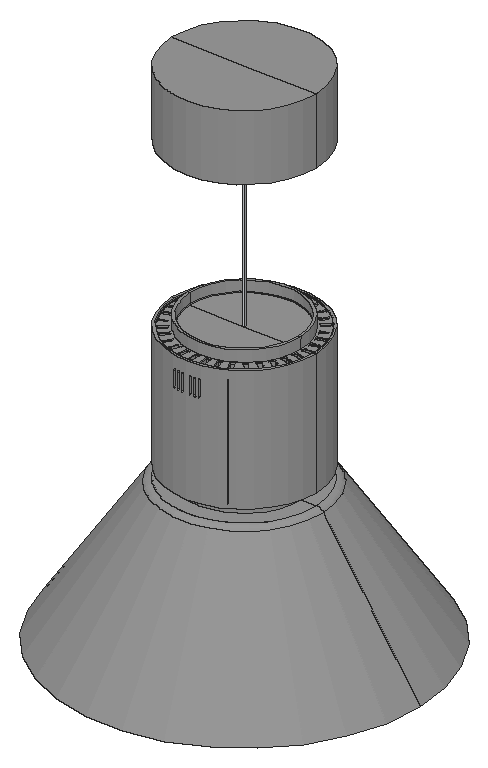
Revit family "LAMP_STORMBELL + BLACK REFLECTOR", category Luminarias, Revit 2015
Parameters (values of type "1588LM 3000 WHITE FLOOD")
  Weight = 4.504 kg
  Type = "COB CITIZEN"
  Suspension height [instance] = 200.00 mm
  Reflector product code = "STBE420B"
  Protection rating = "IP20"
  Product datasheet = "http://www.lamp.es/product-files/TECH/ST117030FL830NBW-EN.pdf"
  Product code = "ST117030FL830NBW"
  Product URL = "https://www.lamp.es/en/family/stormbell_33344"
  Power Supply = "220-240V 50-60Hz"
  Power = 25 W
  Plum = 26.3 W
  Photometric web file = Reflector negro : 1588LM 3000 WHITE FLOOD
  Modelo = Product code  # "ST117030FL830NBW"
  Material floron = LAMP_Aluminio cuerpo Stormbell
  Material COB = LAMP_COB
  Manufacturer name = "LAMP"
  Manufacturer country = "Spain"
  Manufacturer URL = "http://www.lamp.es/en"
  MacAdam = "<3"
  Luminaire type = "Indoor - Suspended Downlight"
  Last update = "11/11/2020"
  Lamp = "COB LED"
  LED Lifetime = "50.000 L80 B10"
  Insulation class = "I"
  Installation instructions = "http://www.lamp.es/product-files/INS/1003910-B-INSTR.%20STORMBELL.pdf"
  Initial intensity = 1588 lm
  Initial color = 3000 K
  IEE = "A+"
  Height = 173.00 mm
  Gear = "Electronic"
  Finish = "Shiny white"
  Fabricante = Manufacturer name  # "LAMP"
  Efficacy = 60.4 lm/W
  Diameter = 173.00 mm
  Descripción = "STORMBELL 3000 WW FL WH."
  CRI = "80"
  Altura suspension [instance] = if(Suspension height < 0.00 mm, 0.00 mm, if(Suspension height > 3000.00 mm, 3000.00 mm, Suspension height))  # 200.00 mm
Types (8, lengths in mm): name | Weight | Product datasheet | Product code | Power Supply | Power | Plum | Modelo | Initial intensity | Initial color | Efficacy | Descripción
  1588LM 3000 WHITE FLOOD | 4.504 kg | "http://www.lamp.es/product-files/TECH/ST117030FL830NBW-EN.pdf" | "ST117030FL830NBW" | "220-240V 50-60Hz" | 25 W | 26.3 W | "ST117030FL830NBW" | 1588 lm | 3000 K | 60.4 lm/W | "STORMBELL 3000 WW FL WH."
  1588LM 3000 WHITE WIDE FLOOD | 4.504 kg | "http://www.lamp.es/product-files/TECH/ST117030WF830NBW-EN.pdf" | "ST117030WF830NBW" | "220-240V 50-60Hz" | 25 W | 26.3 W | "ST117030WF830NBW" | 1588 lm | 3000 K | 60.4 lm/W | "STORMBELL 3000 WW WFL WH."
  1632LM 4000 WHITE FLOOD | 4.504 kg | "http://www.lamp.es/product-files/TECH/ST117030FL840NBW-EN.pdf" | "ST117030FL840NBW" | "220-240V 50-60Hz" | 25 W | 26.3 W | "ST117030FL840NBW" | 1632 lm | 4000 K | 62.1 lm/W | "STORMBELL 3000 NW FL WH."
  1632LM 4000 WHITE WIDE FLOOD | 4.504 kg | "http://www.lamp.es/product-files/TECH/ST117030WF840NBW-EN.pdf" | "ST117030WF840NBW" | "220-240V 50-60Hz" | 25 W | 26.3 W | "ST117030WF840NBW" | 1632 lm | 4000 K | 62.1 lm/W | "STORMBELL 3000 NW WFL WH."
  2405LM 3000 WHITE WIDE FLOOD | 4.592 kg | "http://www.lamp.es/product-files/TECH/ST117050WF830NBW-EN.pdf" | "ST117050WF830NBW" | "100-240V 50-60Hz" | 44 W | 47.4 W | "ST117050WF830NBW" | 2405 lm | 3000 K | 50.7 lm/W | "STORMBELL 5000 WW WFL WH."
  2458LM 3000 WHITE FLOOD | 4.592 kg | "http://www.lamp.es/product-files/TECH/ST117050FL830NBW-EN.pdf" | "ST117050FL830NBW" | "100-240V 50-60Hz" | 44 W | 47.4 W | "ST117050FL830NBW" | 2458 lm | 3000 K | 51.9 lm/W | "STORMBELL 5000 WW FL WH."
  2472LM 4000 WHITE WIDE FLOOD | 4.592 kg | "http://www.lamp.es/product-files/TECH/ST117050WF840NBW-EN.pdf" | "ST117050WF840NBW" | "100-240V 50-60Hz" | 44 W | 47.4 W | "ST117050WF840NBW" | 2472 lm | 4000 K | 52.2 lm/W | "STORMBELL 5000 NW WFL WH."
  2526LM 4000 WHITE FLOOD | 4.592 kg | "http://www.lamp.es/product-files/TECH/ST117050FL840NBW-EN.pdf" | "ST117050FL840NBW" | "100-240V 50-60Hz" | 44 W | 47.4 W | "ST117050FL840NBW" | 2526 lm | 4000 K | 53.3 lm/W | "STORMBELL 5000 NW FL WH."
Reference planes
  plane 1 "Eje de origen de luz (F/P)": y = 0
  plane 2 "Techo": z = 2438.4
  plane 3 "Eje de origen de luz (I/D)": x = 0
  plane 4 "Elevación de origen de luz": z = 1316.8
  plane 5: z = 2359.2
Forms (mm)
  Revolve 1, solid, material "LAMP_Aluminio cuerpo Stormbell" <- "Material floron"
    sketch origin (0, 0, 0) x (1, 0, 0) y (0, 0, 1)
      loop
        line (0, 2438.4) -> (-86.5, 2438.4) -> (-86.5, 2359.2) -> (-83.75, 2359.2) -> (-83.75, 2371.9) -> (0, 2371.9) -> (0, 2438.4)
      axis (0, 2438.4) -> (0, 2359.2)
    angle from 0 to 360
  Extrusion 2, solid
    sketch origin (0, 0, 0) x (1, 0, 0) y (0, 1, 0)
      loop
        circle (0, 0) r 1
    from 2159.2 to 2371.9
  Revolve 3, solid, material "LAMP_COB" <- "Material COB"
    sketch origin (-474.113, 0, 2159.2) x (1, 0, 0) y (0, 0, 1)
      loop
        line (474.113, -61.467) -> (474.113, -62.467) -> (481.113, -62.467) -> (481.113, -61.467) -> (474.113, -61.467)
      axis (474.113, -61.467) -> (474.113, -62.467)
    angle from 0 to 360
  Extrusion 4, solid, material "LAMP_Aluminio cuerpo Stormbell" <- "Material floron"
    sketch origin (-1.875, 0, 0) x (1, 0, 0) y (0, 1, 0)
      loop
        line (18.156, -7.036) -> (18.156, 7.036)
        arc (18.156, 7.036) -> (17.332, 7.861) -> (16.508, 7.036) r 0.824
        line (16.508, 7.036) -> (16.508, -5.422)
        arc (16.508, -5.422) -> (16.293, -5.94) -> (15.775, -6.154) r 0.733
        line (15.775, -6.154) -> (14.051, -6.154)
        arc (14.051, -6.154) -> (13.604, -6.011) -> (13.324, -5.636) r 0.768
        line (13.324, -5.636) -> (9.075, 6.72)
        arc (9.075, 6.72) -> (7.599, 7.773) -> (6.122, 6.72) r 1.561
        line (6.122, 6.72) -> (1.915, -5.514)
        arc (1.915, -5.514) -> (0.865, -6.139) -> (0.075, -5.206) r 0.946
        line (0.075, -5.206) -> (0.075, 6.255)
        arc (0.075, 6.255) -> (-1.121, 7.917) -> (-3.078, 7.312) r 1.753
        line (-3.078, 7.312) -> (-5.708, 4.681) -> (-8.339, 7.312)
        arc (-8.339, 7.312) -> (-10.295, 7.917) -> (-11.491, 6.255) r 1.753
        line (-11.491, 6.255) -> (-11.491, -5.392)
        arc (-11.491, -5.392) -> (-11.714, -5.931) -> (-12.253, -6.154) r 0.762
        line (-12.253, -6.154) -> (-13.949, -6.154)
        arc (-13.949, -6.154) -> (-14.491, -5.93) -> (-14.715, -5.388) r 0.766
        line (-14.715, -5.388) -> (-14.715, 7.007)
        arc (-14.715, 7.007) -> (-14.94, 7.549) -> (-15.481, 7.773) r 0.766
        line (-15.481, 7.773) -> (-22.184, 7.773)
        arc (-22.184, 7.773) -> (-22.732, 7.546) -> (-22.959, 6.997) r 0.776
        line (-22.959, 6.997) -> (-22.959, 1.093)
        arc (-22.959, 1.093) -> (-22.743, 0.57) -> (-22.22, 0.354) r 0.739
        line (-22.22, 0.354) -> (-17.382, 0.354)
        arc (-17.382, 0.354) -> (-16.557, 1.178) -> (-17.382, 2.002) r 0.824
        line (-17.382, 2.002) -> (-20.553, 2.002)
        arc (-20.553, 2.002) -> (-21.089, 2.224) -> (-21.31, 2.76) r 0.758
        line (-21.31, 2.76) -> (-21.31, 5.362)
        arc (-21.31, 5.362) -> (-21.087, 5.901) -> (-20.548, 6.124) r 0.762
        line (-20.548, 6.124) -> (-17.104, 6.124)
        arc (-17.104, 6.124) -> (-16.581, 5.908) -> (-16.364, 5.384) r 0.74
        line (-16.364, 5.384) -> (-16.364, -7.016)
        arc (-16.364, -7.016) -> (-16.14, -7.557) -> (-15.598, -7.782) r 0.766
        line (-15.598, -7.782) -> (-10.521, -7.782)
        arc (-10.521, -7.782) -> (-10.021, -7.574) -> (-9.814, -7.074) r 0.708
        line (-9.814, -7.074) -> (-9.814, 6.019) -> (-5.708, 1.914) -> (-1.603, 6.019) -> (-1.603, -6.949)
        arc (-1.603, -6.949) -> (-1.39, -7.464) -> (-0.874, -7.677) r 0.729
        line (-0.874, -7.677) -> (2.395, -7.677)
        arc (2.395, -7.677) -> (2.818, -7.542) -> (3.083, -7.187) r 0.727
        line (3.083, -7.187) -> (7.599, 5.936) -> (12.139, -7.259)
        arc (12.139, -7.259) -> (12.421, -7.638) -> (12.871, -7.782) r 0.775
        line (12.871, -7.782) -> (17.411, -7.782)
        arc (17.411, -7.782) -> (17.938, -7.563) -> (18.156, -7.036) r 0.745
    from 2370.9 to 2371.9
Lines and regions (mm)
  reference lines
    curve 1: line (-474.113, 0, 2159.2) -> (435.887, 0, 2159.2)
Text (mm)
  text "Any modification of the parameters and properties of the LAMP BIM models must be executed and validated by the LAMP technical department.\n\nPhone: +34 93 736 68 00\n\nE-mail: lamp@lamp.es\n\n\n\nLAMP reserves the right to modify the technical specifications of its products." at (-12684.27, -18653.432, 16760.065), in view "Preview"
Dimensions and locks
  equal spacing: host sketch curve, plane 3 "Eje de origen de luz (I/D)", host sketch curve
  equal spacing: host sketch curve, plane 1 "Eje de origen de luz (F/P)", host sketch curve
  host sketch curve to host sketch curve = 3048.00 mm  (x2)
  locked: plane 2 "Techo" to plane 5 at 79.2
  "Altura suspension": plane 5 to curve 1
  aligned and locked: plane 5 to Revolve 1
  aligned and locked: curve 1 to Extrusion 2
Automatic sketch dimensions
  Revolve 1 sketch curve to plane 2 "Techo" = 0.00 mm
  Revolve 1 sketch curve to plane 5 = 0.00 mm
  Revolve 1 sketch curve to plane 3 "Eje de origen de luz (I/D)" = 0.00 mm  (x2)
  Revolve 1 sketch curve to plane 3 "Eje de origen de luz (I/D)" = 83.75 mm
  Revolve 1 sketch curve to Revolve 1 sketch curve = 2.75 mm
  plane 5 to Revolve 1 sketch curve = 12.70 mm
  Revolve 1 sketch curve to level = 304.80 mm
  plane 2 "Techo" to Revolve 1 sketch curve = 324.435 mm
  plane 1 "Eje de origen de luz (F/P)" to Extrusion 2 sketch curve = 0.00 mm
  Extrusion 2 sketch curve to plane 3 "Eje de origen de luz (I/D)" = 0.00 mm
  curve 1 to Revolve 3 sketch curve = 61.467 mm
  Revolve 3 sketch curve to curve 1 = 435.887 mm  (x2)
  Revolve 3 sketch curve to Revolve 3 sketch curve = 7.00 mm
  Revolve 3 sketch curve to Revolve 3 sketch curve = 1.00 mm
  Revolve 3 sketch curve to curve 1 = 2364.00 mm
  curve 1 to Revolve 3 sketch curve = 703.635 mm
  Extrusion 4 sketch curve to plane 1 "Eje de origen de luz (F/P)" = 1.093 mm
  Extrusion 4 sketch curve to plane 3 "Eje de origen de luz (I/D)" = 24.834 mm
  Extrusion 4 sketch curve to Extrusion 4 sketch curve = 0.739 mm
  Extrusion 4 sketch curve to Extrusion 4 sketch curve = 0.776 mm
  Extrusion 4 sketch curve to Extrusion 4 sketch curve = 0.873 mm
  Extrusion 4 sketch curve to Extrusion 4 sketch curve = 0.758 mm
  Extrusion 4 sketch curve to Extrusion 4 sketch curve = 0.762 mm  (x2)
  Extrusion 4 sketch curve to Extrusion 4 sketch curve = 3.171 mm
  Extrusion 4 sketch curve to Extrusion 4 sketch curve = 0.277 mm
  Extrusion 4 sketch curve to Extrusion 4 sketch curve = 1.018 mm
  Extrusion 4 sketch curve to Extrusion 4 sketch curve = 0.766 mm  (x2)
  Extrusion 4 sketch curve to Extrusion 4 sketch curve = 1.623 mm
  Extrusion 4 sketch curve to Extrusion 4 sketch curve = 0.883 mm
  Extrusion 4 sketch curve to Extrusion 4 sketch curve = 1.696 mm
  Extrusion 4 sketch curve to Extrusion 4 sketch curve = 0.97 mm
  Extrusion 4 sketch curve to Extrusion 4 sketch curve = 0.708 mm
  Extrusion 4 sketch curve to Extrusion 4 sketch curve = 0.076 mm  (x2)
  Extrusion 4 sketch curve to plane 1 "Eje de origen de luz (F/P)" = 7.312 mm  (x2)
  Extrusion 4 sketch curve to Extrusion 4 sketch curve = 1.399 mm  (x2)
  Extrusion 4 sketch curve to plane 1 "Eje de origen de luz (F/P)" = 4.681 mm
  Extrusion 4 sketch curve to Extrusion 4 sketch curve = 2.631 mm
  Extrusion 4 sketch curve to plane 1 "Eje de origen de luz (F/P)" = 1.914 mm
  Extrusion 4 sketch curve to Extrusion 4 sketch curve = 0.00 mm  (x2)
  Extrusion 4 sketch curve to Extrusion 4 sketch curve = 0.729 mm
  Extrusion 4 sketch curve to Extrusion 4 sketch curve = 1.677 mm
  Extrusion 4 sketch curve to Extrusion 4 sketch curve = 0.946 mm
  plane 1 "Eje de origen de luz (F/P)" to Extrusion 4 sketch curve = 5.514 mm
  Extrusion 4 sketch curve to Extrusion 4 sketch curve = 0.895 mm
  Extrusion 4 sketch curve to Extrusion 4 sketch curve = 0.48 mm
  plane 1 "Eje de origen de luz (F/P)" to Extrusion 4 sketch curve = 7.187 mm
  Extrusion 4 sketch curve to Extrusion 4 sketch curve = 0.688 mm
  Extrusion 4 sketch curve to plane 1 "Eje de origen de luz (F/P)" = 6.72 mm  (x2)
  Extrusion 4 sketch curve to Extrusion 4 sketch curve = 6.048 mm
  Extrusion 4 sketch curve to Extrusion 4 sketch curve = 1.476 mm
  Extrusion 4 sketch curve to plane 1 "Eje de origen de luz (F/P)" = 5.936 mm
  plane 1 "Eje de origen de luz (F/P)" to Extrusion 4 sketch curve = 7.259 mm
  Extrusion 4 sketch curve to Extrusion 4 sketch curve = 9.055 mm
  Extrusion 4 sketch curve to Extrusion 4 sketch curve = 0.733 mm
  plane 1 "Eje de origen de luz (F/P)" to Extrusion 4 sketch curve = 5.636 mm
  Extrusion 4 sketch curve to Extrusion 4 sketch curve = 0.453 mm
  Extrusion 4 sketch curve to Extrusion 4 sketch curve = 0.727 mm
  Extrusion 4 sketch curve to Extrusion 4 sketch curve = 1.725 mm
  Extrusion 4 sketch curve to Extrusion 4 sketch curve = 7.433 mm
  Extrusion 4 sketch curve to Extrusion 4 sketch curve = 0.824 mm  (x2)
  Extrusion 4 sketch curve to Extrusion 4 sketch curve = 0.745 mm
  Extrusion 4 sketch curve to Extrusion 4 sketch curve = 2.146 mm
  plane 1 "Eje de origen de luz (F/P)" to Extrusion 4 sketch curve = 7.782 mm
  Extrusion 4 sketch curve to Extrusion 4 sketch curve = 2.472 mm
  Extrusion 4 sketch curve to Extrusion 4 sketch curve = 0.519 mm
  Extrusion 4 sketch curve to Extrusion 4 sketch curve = 0.862 mm
  Extrusion 4 sketch curve to Extrusion 4 sketch curve = 2.602 mm
  Extrusion 4 sketch curve to Extrusion 4 sketch curve = 0.236 mm
  Extrusion 4 sketch curve to Extrusion 4 sketch curve = 0.276 mm
  Extrusion 4 sketch curve to Extrusion 4 sketch curve = 1.635 mm
  Extrusion 4 sketch curve to Extrusion 4 sketch curve = 0.317 mm
  curve 1 to plane 3 "Eje de origen de luz (I/D)" = 474.113 mm
  plane 3 "Eje de origen de luz (I/D)" to curve 1 = 435.887 mm
  radius of Extrusion 2 sketch curve = 1.00 mm
Nested families
  nested 1: "Core Stormbell" at (0, 0, 1995.7), type "Core Stormbell"
  nested 2: "Reflector negro" at (0, 0, 302.7), type <- "Photometric web file", type "1588LM 3000 WHITE FLOOD"
Connectors
  electrical at (0, 0, 2438.4)
    settings: on Revolve 1, index 1, voltage 230 V, apparent load 0 VA, apparent load phase1 0 VA, apparent load phase2 0 VA, apparent load phase3 0 VA, power factor 1, load classification "Otro", number of poles 1, system type 31, power factor state 1, is connector primary yes, connector utility no, sub classification motor no, connector description ""
Definition of nested family "Core Stormbell"
  Parameters (values of type "Core Stormbell")
    Material disipador = none
    Material core = none
    Default Elevation = 1219.20 mm
  Reference planes
    plane 1 "Centro (Frontal/Posterior)": y = 0
    plane 2: z = 0
    plane 3 "Centro (Izquierda/Derecha)": x = 0
  Forms (mm)
    Revolve 1, solid, material <- "Material core"
      sketch origin (0, 0, -1221.577) x (1, 0, 0) y (0, 0, 1)
        loop
          line (83.75, 1384.077) -> (83.75, 1383.077) -> (0, 1383.077) -> (0, 1323.61) -> (7, 1323.61) -> (7, 1322.61) -> (22.096, 1322.61)
          arc (22.096, 1322.61) -> (24.519, 1321.984) -> (26.335, 1320.262) r 5
          arc (26.335, 1320.262) -> (44.293, 1286.941) -> (57.8, 1251.58) r 292.631
          line (57.8, 1251.58) -> (59.5, 1251.58) -> (64, 1251.58) -> (64, 1238.077) -> (83.75, 1238.077) -> (83.75, 1237.077) -> (83.75, 1236.077) -> (86.5, 1236.077) -> (86.5, 1385.077) -> (83.75, 1385.077) -> (83.75, 1384.077)
        axis (0, 1385.077) -> (0, 1236.077)
      angle from 0 to 360
    Extrusion 2, void
      sketch origin (0, 0, 0) x (1, 0, 0) y (0, 1, 0)
        loop
          line (-2.75, 81.654) -> (-2.75, 70.747)
          arc (-2.75, 70.747) -> (0, 70.8) -> (2.75, 70.747) r 70.8
          line (2.75, 70.747) -> (2.75, 81.654)
          arc (2.75, 81.654) -> (0, 81.7) -> (-2.75, 81.654) r 81.7
        loop
          arc (-2.75, -81.654) -> (0, -81.7) -> (2.75, -81.654) r 81.7
          line (2.75, -81.654) -> (2.75, -70.747)
          arc (2.75, -70.747) -> (0, -70.8) -> (-2.75, -70.747) r 70.8
          line (-2.75, -70.747) -> (-2.75, -81.654)
        loop
          line (81.654, 2.75) -> (70.747, 2.75)
          arc (70.747, 2.75) -> (70.8, 0) -> (70.747, -2.75) r 70.8
          line (70.747, -2.75) -> (81.654, -2.75)
          arc (81.654, -2.75) -> (81.7, 0) -> (81.654, 2.75) r 81.7
        loop
          arc (-81.654, 2.75) -> (-81.7, 0) -> (-81.654, -2.75) r 81.7
          line (-81.654, -2.75) -> (-70.747, -2.75)
          arc (-70.747, -2.75) -> (-70.8, 0) -> (-70.747, 2.75) r 70.8
          line (-70.747, 2.75) -> (-81.654, 2.75)
        loop
          line (11.471, 80.891) -> (9.577, 70.149)
          arc (9.577, 70.149) -> (12.294, 69.724) -> (14.993, 69.194) r 70.8
          line (14.993, 69.194) -> (16.887, 79.936)
          arc (16.887, 79.936) -> (14.187, 80.459) -> (11.471, 80.891) r 81.7
        loop
          line (25.343, 77.67) -> (21.613, 67.421)
          arc (21.613, 67.421) -> (24.215, 66.53) -> (26.781, 65.539) r 70.8
          line (26.781, 65.539) -> (30.511, 75.789)
          arc (30.511, 75.789) -> (27.943, 76.773) -> (25.343, 77.67) r 81.7
        loop
          line (38.445, 72.089) -> (32.992, 62.643)
          arc (32.992, 62.643) -> (35.4, 61.315) -> (37.755, 59.893) r 70.8
          line (37.755, 59.893) -> (43.208, 69.339)
          arc (43.208, 69.339) -> (40.85, 70.754) -> (38.445, 72.089) r 81.7
        loop
          line (50.379, 64.318) -> (43.368, 55.963)
          arc (43.368, 55.963) -> (45.509, 54.236) -> (47.582, 52.427) r 70.8
          line (47.582, 52.427) -> (54.593, 60.783)
          arc (54.593, 60.783) -> (52.516, 62.586) -> (50.379, 64.318) r 81.7
        loop
          line (60.783, 54.593) -> (52.427, 47.582)
          arc (52.427, 47.582) -> (54.236, 45.509) -> (55.963, 43.368) r 70.8
          line (55.963, 43.368) -> (64.318, 50.379)
          arc (64.318, 50.379) -> (62.586, 52.516) -> (60.783, 54.593) r 81.7
        loop
          line (69.339, 43.208) -> (59.893, 37.755)
          arc (59.893, 37.755) -> (61.315, 35.4) -> (62.643, 32.992) r 70.8
          line (62.643, 32.992) -> (72.089, 38.445)
          arc (72.089, 38.445) -> (70.754, 40.85) -> (69.339, 43.208) r 81.7
        loop
          line (75.789, 30.511) -> (65.539, 26.781)
          arc (65.539, 26.781) -> (66.53, 24.215) -> (67.421, 21.613) r 70.8
          line (67.421, 21.613) -> (77.67, 25.343)
          arc (77.67, 25.343) -> (76.773, 27.943) -> (75.789, 30.511) r 81.7
        loop
          line (79.936, 16.887) -> (69.194, 14.993)
          arc (69.194, 14.993) -> (69.724, 12.294) -> (70.149, 9.577) r 70.8
          line (70.149, 9.577) -> (80.891, 11.471)
          arc (80.891, 11.471) -> (80.459, 14.187) -> (79.936, 16.887) r 81.7
        loop
          arc (-11.471, 80.891) -> (-14.187, 80.459) -> (-16.887, 79.936) r 81.7
          line (-16.887, 79.936) -> (-14.993, 69.194)
          arc (-14.993, 69.194) -> (-12.294, 69.724) -> (-9.577, 70.149) r 70.8
          line (-9.577, 70.149) -> (-11.471, 80.891)
        loop
          arc (-25.343, 77.67) -> (-27.943, 76.773) -> (-30.511, 75.789) r 81.7
          line (-30.511, 75.789) -> (-26.781, 65.539)
          arc (-26.781, 65.539) -> (-24.215, 66.53) -> (-21.613, 67.421) r 70.8
          line (-21.613, 67.421) -> (-25.343, 77.67)
        loop
          arc (-38.445, 72.089) -> (-40.85, 70.754) -> (-43.208, 69.339) r 81.7
          line (-43.208, 69.339) -> (-37.755, 59.893)
          arc (-37.755, 59.893) -> (-35.4, 61.315) -> (-32.992, 62.643) r 70.8
          line (-32.992, 62.643) -> (-38.445, 72.089)
        loop
          arc (-50.379, 64.318) -> (-52.516, 62.586) -> (-54.593, 60.783) r 81.7
          line (-54.593, 60.783) -> (-47.582, 52.427)
          arc (-47.582, 52.427) -> (-45.509, 54.236) -> (-43.368, 55.963) r 70.8
          line (-43.368, 55.963) -> (-50.379, 64.318)
        loop
          arc (-60.783, 54.593) -> (-62.586, 52.516) -> (-64.318, 50.379) r 81.7
          line (-64.318, 50.379) -> (-55.963, 43.368)
          arc (-55.963, 43.368) -> (-54.236, 45.509) -> (-52.427, 47.582) r 70.8
          line (-52.427, 47.582) -> (-60.783, 54.593)
        loop
          arc (-69.339, 43.208) -> (-70.754, 40.85) -> (-72.089, 38.445) r 81.7
          line (-72.089, 38.445) -> (-62.643, 32.992)
          arc (-62.643, 32.992) -> (-61.315, 35.4) -> (-59.893, 37.755) r 70.8
          line (-59.893, 37.755) -> (-69.339, 43.208)
        loop
          arc (-75.789, 30.511) -> (-76.773, 27.943) -> (-77.67, 25.343) r 81.7
          line (-77.67, 25.343) -> (-67.421, 21.613)
          arc (-67.421, 21.613) -> (-66.53, 24.215) -> (-65.539, 26.781) r 70.8
          line (-65.539, 26.781) -> (-75.789, 30.511)
        loop
          arc (-79.936, 16.887) -> (-80.459, 14.187) -> (-80.891, 11.471) r 81.7
          line (-80.891, 11.471) -> (-70.149, 9.577)
          arc (-70.149, 9.577) -> (-69.724, 12.294) -> (-69.194, 14.993) r 70.8
          line (-69.194, 14.993) -> (-79.936, 16.887)
        loop
          arc (11.471, -80.891) -> (14.187, -80.459) -> (16.887, -79.936) r 81.7
          line (16.887, -79.936) -> (14.993, -69.194)
          arc (14.993, -69.194) -> (12.294, -69.724) -> (9.577, -70.149) r 70.8
          line (9.577, -70.149) -> (11.471, -80.891)
        loop
          arc (25.343, -77.67) -> (27.943, -76.773) -> (30.511, -75.789) r 81.7
          line (30.511, -75.789) -> (26.781, -65.539)
          arc (26.781, -65.539) -> (24.215, -66.53) -> (21.613, -67.421) r 70.8
          line (21.613, -67.421) -> (25.343, -77.67)
        loop
          arc (38.445, -72.089) -> (40.85, -70.754) -> (43.208, -69.339) r 81.7
          line (43.208, -69.339) -> (37.755, -59.893)
          arc (37.755, -59.893) -> (35.4, -61.315) -> (32.992, -62.643) r 70.8
          line (32.992, -62.643) -> (38.445, -72.089)
        loop
          arc (50.379, -64.318) -> (52.516, -62.586) -> (54.593, -60.783) r 81.7
          line (54.593, -60.783) -> (47.582, -52.427)
          arc (47.582, -52.427) -> (45.509, -54.236) -> (43.368, -55.963) r 70.8
          line (43.368, -55.963) -> (50.379, -64.318)
        loop
          arc (60.783, -54.593) -> (62.586, -52.516) -> (64.318, -50.379) r 81.7
          line (64.318, -50.379) -> (55.963, -43.368)
          arc (55.963, -43.368) -> (54.236, -45.509) -> (52.427, -47.582) r 70.8
          line (52.427, -47.582) -> (60.783, -54.593)
        loop
          arc (69.339, -43.208) -> (70.754, -40.85) -> (72.089, -38.445) r 81.7
          line (72.089, -38.445) -> (62.643, -32.992)
          arc (62.643, -32.992) -> (61.315, -35.4) -> (59.893, -37.755) r 70.8
          line (59.893, -37.755) -> (69.339, -43.208)
        loop
          arc (75.789, -30.511) -> (76.773, -27.943) -> (77.67, -25.343) r 81.7
          line (77.67, -25.343) -> (67.421, -21.613)
          arc (67.421, -21.613) -> (66.53, -24.215) -> (65.539, -26.781) r 70.8
          line (65.539, -26.781) -> (75.789, -30.511)
        loop
          arc (79.936, -16.887) -> (80.459, -14.187) -> (80.891, -11.471) r 81.7
          line (80.891, -11.471) -> (70.149, -9.577)
          arc (70.149, -9.577) -> (69.724, -12.294) -> (69.194, -14.993) r 70.8
          line (69.194, -14.993) -> (79.936, -16.887)
        loop
          line (-11.471, -80.891) -> (-9.577, -70.149)
          arc (-9.577, -70.149) -> (-12.294, -69.724) -> (-14.993, -69.194) r 70.8
          line (-14.993, -69.194) -> (-16.887, -79.936)
          arc (-16.887, -79.936) -> (-14.187, -80.459) -> (-11.471, -80.891) r 81.7
        loop
          line (-25.343, -77.67) -> (-21.613, -67.421)
          arc (-21.613, -67.421) -> (-24.215, -66.53) -> (-26.781, -65.539) r 70.8
          line (-26.781, -65.539) -> (-30.511, -75.789)
          arc (-30.511, -75.789) -> (-27.943, -76.773) -> (-25.343, -77.67) r 81.7
        loop
          line (-38.445, -72.089) -> (-32.992, -62.643)
          arc (-32.992, -62.643) -> (-35.4, -61.315) -> (-37.755, -59.893) r 70.8
          line (-37.755, -59.893) -> (-43.208, -69.339)
          arc (-43.208, -69.339) -> (-40.85, -70.754) -> (-38.445, -72.089) r 81.7
        loop
          line (-50.379, -64.318) -> (-43.368, -55.963)
          arc (-43.368, -55.963) -> (-45.509, -54.236) -> (-47.582, -52.427) r 70.8
          line (-47.582, -52.427) -> (-54.593, -60.783)
          arc (-54.593, -60.783) -> (-52.516, -62.586) -> (-50.379, -64.318) r 81.7
        loop
          line (-60.783, -54.593) -> (-52.427, -47.582)
          arc (-52.427, -47.582) -> (-54.236, -45.509) -> (-55.963, -43.368) r 70.8
          line (-55.963, -43.368) -> (-64.318, -50.379)
          arc (-64.318, -50.379) -> (-62.586, -52.516) -> (-60.783, -54.593) r 81.7
        loop
          line (-69.339, -43.208) -> (-59.893, -37.755)
          arc (-59.893, -37.755) -> (-61.315, -35.4) -> (-62.643, -32.992) r 70.8
          line (-62.643, -32.992) -> (-72.089, -38.445)
          arc (-72.089, -38.445) -> (-70.754, -40.85) -> (-69.339, -43.208) r 81.7
        loop
          line (-75.789, -30.511) -> (-65.539, -26.781)
          arc (-65.539, -26.781) -> (-66.53, -24.215) -> (-67.421, -21.613) r 70.8
          line (-67.421, -21.613) -> (-77.67, -25.343)
          arc (-77.67, -25.343) -> (-76.773, -27.943) -> (-75.789, -30.511) r 81.7
        loop
          line (-79.936, -16.887) -> (-69.194, -14.993)
          arc (-69.194, -14.993) -> (-69.724, -12.294) -> (-70.149, -9.577) r 70.8
          line (-70.149, -9.577) -> (-80.891, -11.471)
          arc (-80.891, -11.471) -> (-80.459, -14.187) -> (-79.936, -16.887) r 81.7
      from 14.5 to 163.5
    Extrusion 3, void
      sketch origin (0, 0, 0) x (1, 0, 0) y (0, 0, 1)
        loop
          arc (-3.5, 147.5) -> (-4.75, 148.75) -> (-6, 147.5) r 1.25
          line (-6, 147.5) -> (-6, 129.5)
          arc (-6, 129.5) -> (-4.75, 128.25) -> (-3.5, 129.5) r 1.25
          line (-3.5, 129.5) -> (-3.5, 147.5)
        loop
          arc (-8.5, 147.5) -> (-9.75, 148.75) -> (-11, 147.5) r 1.25
          line (-11, 147.5) -> (-11, 129.5)
          arc (-11, 129.5) -> (-9.75, 128.25) -> (-8.5, 129.5) r 1.25
          line (-8.5, 129.5) -> (-8.5, 147.5)
        loop
          arc (-13.5, 147.5) -> (-14.75, 148.75) -> (-16, 147.5) r 1.25
          line (-16, 147.5) -> (-16, 129.5)
          arc (-16, 129.5) -> (-14.75, 128.25) -> (-13.5, 129.5) r 1.25
          line (-13.5, 129.5) -> (-13.5, 147.5)
        loop
          arc (16, 147.5) -> (14.75, 148.75) -> (13.5, 147.5) r 1.25
          line (13.5, 147.5) -> (13.5, 129.5)
          arc (13.5, 129.5) -> (14.75, 128.25) -> (16, 129.5) r 1.25
          line (16, 129.5) -> (16, 147.5)
        loop
          arc (11, 147.5) -> (9.75, 148.75) -> (8.5, 147.5) r 1.25
          line (8.5, 147.5) -> (8.5, 129.5)
          arc (8.5, 129.5) -> (9.75, 128.25) -> (11, 129.5) r 1.25
          line (11, 129.5) -> (11, 147.5)
        loop
          arc (6, 147.5) -> (4.75, 148.75) -> (3.5, 147.5) r 1.25
          line (3.5, 147.5) -> (3.5, 129.5)
          arc (3.5, 129.5) -> (4.75, 128.25) -> (6, 129.5) r 1.25
          line (6, 129.5) -> (6, 147.5)
      from -87.047 to 87.159
    Revolve 4, solid, material <- "Material disipador"
      sketch origin (0, 0, 0) x (1, 0, 0) y (0, 0, 1)
        loop
          line (65.3, 175.5) -> (65.3, 163.5) -> (65.3, 162.5) -> (0, 162.5) -> (0, 161.5) -> (82.8, 161.5) -> (82.8, 16.5) -> (64, 16.5) -> (64, 13.203) -> (53.7, 13.203) -> (53.7, 10.703) -> (64, 10.703) -> (64, 6.703) -> (65.3, 0) -> (68.2, 0) -> (68.2, 15.5) -> (83.75, 15.5) -> (83.75, 162.5) -> (68.2, 162.5) -> (68.2, 175.5) -> (65.3, 175.5)
        axis (0, 175.5) -> (0, 0)
      angle from 0 to 360
  Cuts and joins
    Extrusion 2, Extrusion 3 cuts Revolve 1
    Extrusion 2 cuts Revolve 4
  Dimensions and locks
    aligned and locked: level to plane 2
Definition of nested family "Reflector negro"
  Parameters (values of type "1588LM 3000 WHITE FLOOD")
    Tilt Angle = 90.00°
    Wattage = 26.3 W
    Separación luz = 20.00 mm
    built-in parameter 1150110 = 1 (stored number, unit not read)
    Material reflector = none
    built-in parameter 1114217 = 1 (stored number, unit not read)
    built-in parameter 1150109 = 1 (stored number, unit not read)
    Default Elevation = 1219.20 mm
    built-in parameter 1150134 = (empty or 0)
    built-in parameter 1150113 = 1 (stored number, unit not read)
    Lumens = 1587.99 lm
    built-in parameter 1150115 = 1 (stored number, unit not read)
    built-in parameter 1150105 = 126.37 (stored number, unit not read)
    built-in parameter 1150137 = (empty or 0)
    built-in parameter 1150139 = (empty or 0)
    built-in parameter 1150112 = 1 (stored number, unit not read)
    built-in parameter 1150114 = 1 (stored number, unit not read)
    built-in parameter 1150132 = 2
    built-in parameter 1150102 = (empty or 0)
    built-in parameter 1150138 = (empty or 0)
    built-in parameter 1150107 = 3000 (stored number, unit not read)
    built-in parameter 1150106 = 1.2637 (stored number, unit not read)
    built-in parameter 1150104 = 5.6095 (stored number, unit not read)
    Dimming Lamp Color Temperature Shift = (empty or 0)
    Color Filter = 16777215
    built-in parameter 1114218 = 1 (stored number, unit not read)
    Photometric Web File = "10441001+10400102_100.IES"
    built-in parameter 1150133 = 10 (stored number, unit not read)
  Types (9, lengths in mm): name | Wattage | built-in parameter 1150134 | Lumens | built-in parameter 1150105 | built-in parameter 1150107 | built-in parameter 1150106 | built-in parameter 1150104 | Photometric Web File
    (no name) | 26.3 W | (empty or 0) | 1587.99 lm | 126.37 (stored number, unit not read) | 3000 (stored number, unit not read) | 1.2637 (stored number, unit not read) | 5.6095 (stored number, unit not read) | "10441001+10400102_100.IES"
    1588LM 3000 WHITE FLOOD | 26.3 W | (empty or 0) | 1587.99 lm | 126.37 (stored number, unit not read) | 3000 (stored number, unit not read) | 1.2637 (stored number, unit not read) | 5.6095 (stored number, unit not read) | "10441001+10400102_100.IES"
    1588LM 3000 WHITE WIDE FLOOD | 26.3 W | (empty or 0) | 1587.99 lm | 126.37 (stored number, unit not read) | 3000 (stored number, unit not read) | 1.2637 (stored number, unit not read) | 5.6095 (stored number, unit not read) | "10441011+10400102_100.IES"
    1632LM 4000 WHITE FLOOD | 26.3 W | 12 | 1631.92 lm | 1850.8 (stored number, unit not read) | 4000 (stored number, unit not read) | 18.508 (stored number, unit not read) | 5.7646 (stored number, unit not read) | "10440001+10400102_100.IES"
    1632LM 4000 WHITE WIDE FLOOD | 26.3 W | 12 | 1631.92 lm | 1850.8 (stored number, unit not read) | 4000 (stored number, unit not read) | 18.508 (stored number, unit not read) | 5.7646 (stored number, unit not read) | "10440011+10400102_100.IES"
    2405LM 3000 WHITE WIDE FLOOD | 47.4 W | (empty or 0) | 2405.08 lm | 2727.6 (stored number, unit not read) | 3000 (stored number, unit not read) | 27.276 (stored number, unit not read) | 4.7139 (stored number, unit not read) | "10441031+10400102_100.IES"
    2458LM 3000 WHITE FLOOD | 47.4 W | (empty or 0) | 2405.08 lm | 2727.6 (stored number, unit not read) | 3000 (stored number, unit not read) | 27.276 (stored number, unit not read) | 4.7139 (stored number, unit not read) | "10441021+10400102_100.IES"
    2472LM 4000 WHITE WIDE FLOOD | 47.4 W | 12 | 2471.91 lm | 4881.3 (stored number, unit not read) | 4000 (stored number, unit not read) | 48.813 (stored number, unit not read) | 4.8449 (stored number, unit not read) | "10440031+10400102_100.IES"
    2526LM 4000 WHITE FLOOD | 47.4 W | 12 | 2525.95 lm | 2895.4 (stored number, unit not read) | 4000 (stored number, unit not read) | 28.954 (stored number, unit not read) | 4.9508 (stored number, unit not read) | "10440021+10400102_100.IES"
  Reference planes
    plane 1 "Eje de origen de luz (F/P)": y = 0
    plane 2: z = 0
    plane 3 "Eje de origen de luz (I/D)": x = 0
    plane 4 "Elevación de origen de luz": z = 1500
    plane 5: z = 1520
  Forms (mm)
    Revolve 1, solid, material <- "Material reflector"
      sketch origin (0, 0, 0) x (1, 0, 0) y (0, 0, 1)
        loop
          line (210, 1520) -> (95.087, 1688.631)
          arc (95.087, 1688.631) -> (91.497, 1691.841) -> (86.823, 1693) r 10
          line (86.823, 1693) -> (62, 1693) -> (53, 1693) -> (53, 1711.2) -> (50.4, 1711.2) -> (50.4, 1692) -> (86.305, 1692)
          arc (86.305, 1692) -> (90.979, 1690.841) -> (94.568, 1687.631) r 10
          line (94.568, 1687.631) -> (208.8, 1520) -> (210, 1520)
        axis (0, 1711.2) -> (0, 1520)
      angle from 0 to 360
  Dimensions and locks
    "Separación luz": plane 5 to plane 4 "Elevación de origen de luz"
    aligned and locked: plane 3 "Eje de origen de luz (I/D)" to imposter light
    aligned and locked: plane 1 "Eje de origen de luz (F/P)" to imposter light
    aligned and locked: plane 4 "Elevación de origen de luz" to imposter light
    aligned and locked: level to plane 2
  Automatic sketch dimensions
    Revolve 1 sketch curve to plane 3 "Eje de origen de luz (I/D)" = 0.00 mm
    Revolve 1 sketch curve to plane 5 = 0.00 mm
    plane 3 "Eje de origen de luz (I/D)" to Revolve 1 sketch curve = 50.40 mm
    Revolve 1 sketch curve to Revolve 1 sketch curve = 2.60 mm
    Revolve 1 sketch curve to Revolve 1 sketch curve = 9.00 mm
    Revolve 1 sketch curve to Revolve 1 sketch curve = 24.305 mm
    Revolve 1 sketch curve to Revolve 1 sketch curve = 0.519 mm  (x2)
    Revolve 1 sketch curve to Revolve 1 sketch curve = 7.745 mm
    Revolve 1 sketch curve to Revolve 1 sketch curve = 114.232 mm
    Revolve 1 sketch curve to Revolve 1 sketch curve = 1.20 mm
    plane 5 to Revolve 1 sketch curve = 162.00 mm
    Revolve 1 sketch curve to Revolve 1 sketch curve = 1.00 mm  (x2)
    Revolve 1 sketch curve to Revolve 1 sketch curve = 4.631 mm
    Revolve 1 sketch curve to Revolve 1 sketch curve = 18.20 mm
    Revolve 1 sketch curve to level = 271.696 mm
    Revolve 1 sketch curve to Revolve 1 sketch curve = 8.574 mm
